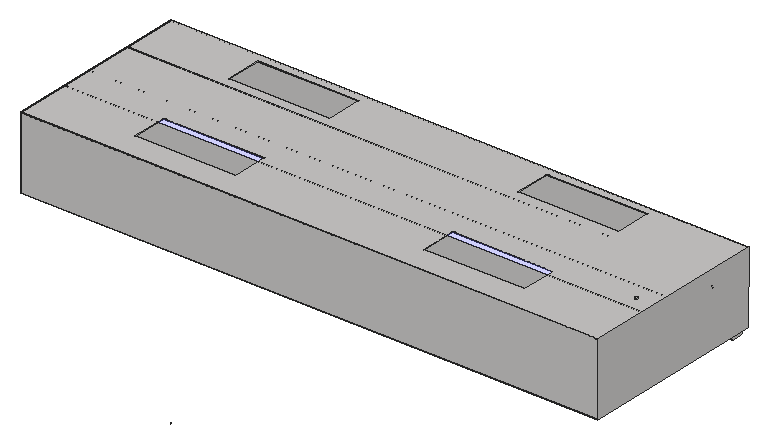
Revit family "QF_ELECTROLUXPROFESSIONAL_640233_STPF1340", category Specialty Equipment, Revit 2014
Reference planes
  plane 1: z = 0
  plane 2 "Center (Left/Right)": x = 150
  plane 3 "LEFT": x = -1850
  plane 4 "RIGHT": x = 2150
  plane 5 "BACK": y = 550
  plane 6 "TOP": z = 2500
  plane 7 "Base": z = 2000
  plane 8: z = 1955
  plane 9 "DrainY": y = 490
  plane 10: x = -1847
  plane 11 "DrainX": x = 2030
  plane 12 "AOLeft2": x = -500
  plane 13 "AORight1": x = 800
  plane 14: x = 2147
  plane 15: x = -1650
  plane 16: x = 1950
  plane 17 "Center (Front/Back)": y = -100
  plane 18 "Front": y = -750
  plane 19 "AOLeft1": x = -1200
  plane 20 "AORight2": x = 1500
  plane 21: y = -664
  plane 22: y = -414
  plane 23: y = 240
  plane 24: y = 490
  plane 25 "EI_y": y = -270
  plane 26 "EIx": x = 2030
Forms (mm)
  Extrusion 1, solid, material "QF_Finishes_Stainless Steel"
    sketch origin (-1850, 0, 360) x (0, 1, 0) y (0, 0, 1)
      loop
        line (550, 1640) -> (550, 2140) -> (-750, 2140) -> (-750, 1640) -> (550, 1640)
    from 0 to 3
  Extrusion 2, solid, material "QF_Finishes_Stainless Steel"
    sketch origin (2150, 0, 360) x (0, 1, 0) y (0, 0, 1)
      loop
        line (550, 1640) -> (550, 2140) -> (-750, 2140) -> (-750, 1640) -> (550, 1640)
    from 0 to -3
  Extrusion 3, solid, material "QF_Finishes_Stainless Steel"
    sketch origin (150, 0, 360) x (0, 1, 0) y (0, 0, 1)
      loop
        line (-750, 2140) -> (-750, 1640) -> (-740, 1640) -> (-740, 1640.8) -> (-749.2, 1640.8) -> (-749.2, 2139.19) -> (549.2, 2139.19) -> (549.2, 1640.8) -> (540, 1640.8) -> (540, 1640) -> (550, 1640) -> (550, 2140) -> (-750, 2140)
    from -2000 to 2000
  Extrusion 4, solid, material "QF_Finishes_Stainless Steel"
    sketch origin (0, 0, 2000) x (0, 1, 0) y (-1, 0, 0)
      loop
        circle (490, -2030) r 4.763
    from -30 to 0
  Extrusion 5, void
    sketch origin (0, 0, 2500) x (0, 1, 0) y (-1, 0, 0)
      loop
        line (-320, 500) -> (-320, 1200) -> (-570, 1200) -> (-570, 500) -> (-320, 500)
    from 0 to -10
  Extrusion 6, solid, material "QF_Finishes_Stainless Steel"
    sketch origin (0, 0, 0) x (1, 0, 0) y (0, 1, 0)
      loop
        line (-1850, 550) -> (-1850, 549) -> (-1849, 549) -> (-1849, 550) -> (-1850, 550)
    from 0 to 1
  Extrusion 7, solid, material "QF_LAMPS"
    sketch origin (150, 0, 360) x (0, 1, 0) y (0, 0, 1)
      loop
        line (-372.823, 1962.324) -> (-218.948, 2086.929) -> (-227.129, 2097.032) -> (-381.003, 1972.426) -> (-372.823, 1962.324)
    from 1997 to -1997
  Extrusion 8, solid, material "QF_Finishes_Stainless Steel"
    sketch origin (150, 0, 360) x (0, 1, 0) y (0, 0, 1)
      loop
        line (-750, 2139.19) -> (-750, 1640) -> (-686.602, 1640) -> (-599.146, 1690.493) -> (-610.058, 1709.394) -> (-666.564, 1676.77) -> (-714.704, 1680.982) -> (-749.2, 1730.248) -> (-749.2, 2139.19) -> (-750, 2139.19)
      loop
        line (-373.6, 1961.694) -> (-381.937, 1971.99) -> (-369.095, 1982.182) -> (-369.095, 2139.19) -> (-369.895, 2139.19) -> (-369.895, 1982.569) -> (-682.298, 1734.63) -> (-671.091, 1720.79) -> (-373.6, 1961.694)
      loop
        line (-227.61, 2099.216) -> (-218.171, 2087.559) -> (-154.411, 2139.19) -> (-155.682, 2139.19) -> (-218.052, 2088.684) -> (-226.989, 2099.719) -> (-227.61, 2099.216)
    from -1997 to 1997
  Sweep 9, solid, material "QF_Finishes_Stainless Steel"
    path origin (0, 0, 0) x (1, 0, 0) y (0, 1, 0)
      loop
        line (2150, 550) -> (-1850, 550) -> (-1850, -750) -> (2150, -750) -> (2150, 550)
    profile origin (2150, -100, 0) x (1, 0, 0) y (0, 0, 1)
      loop
        line (-3, 2000) -> (-3, 2000.8) -> (-19, 2000.8) -> (-19, 2010) -> (-20, 2010) -> (-20, 2000) -> (-3, 2000)
  Extrusion 10, solid, material "QF_Finishes_Stainless Steel"
    sketch origin (150, 0, 0) x (0, 1, 0) y (0, 0, 1)
      loop
        line (414.66, 2095.469) -> (440.643, 2110.471) -> (261.744, 2411.771) -> (235.948, 2396.455) -> (414.66, 2095.469)
    from -1997 to -1800
  Extrusion 11, void
    sketch origin (1134.605, 0, 2500) x (0, 1, 0) y (-1, 0, 0)
      loop
        line (-320, -365.395) -> (-320, 334.605) -> (-570, 334.605) -> (-570, -365.395) -> (-320, -365.395)
    from 0 to -10
  Extrusion 12, solid, material "QF_Finishes_Stainless Steel"
    sketch origin (2030, 0, 0) x (0, 1, 0) y (0, 0, 1)
      loop
        line (539, 2000) -> (441, 2000) -> (441, 1989) -> (448.5, 1989) -> (448.5, 1965)
        arc (448.5, 1965) -> (451.429, 1957.929) -> (458.5, 1955) r 10
        line (458.5, 1955) -> (521.5, 1955)
        arc (521.5, 1955) -> (528.571, 1957.929) -> (531.5, 1965) r 10
        line (531.5, 1965) -> (531.5, 1989) -> (539, 1989) -> (539, 2000)
    from 90 to -90
  Extrusion 13, solid, material "QF_Finishes_Stainless Steel"
    sketch origin (150, 0, 360) x (0, 1, 0) y (0, 0, 1)
      loop
        line (-750, 2139.19) -> (-750, 1640) -> (-686.602, 1640) -> (-599.146, 1690.493) -> (-610.058, 1709.394) -> (-666.564, 1676.77) -> (-714.704, 1680.982) -> (-749.2, 1730.248) -> (-749.2, 2139.19) -> (-750, 2139.19)
      loop
        line (-373.6, 1961.694) -> (-381.937, 1971.99) -> (-369.095, 1982.182) -> (-369.095, 2139.19) -> (-369.895, 2139.19) -> (-369.895, 1982.569) -> (-682.298, 1734.63) -> (-671.091, 1720.79) -> (-373.6, 1961.694)
      loop
        line (-227.61, 2099.216) -> (-218.171, 2087.559) -> (-154.411, 2139.19) -> (-155.682, 2139.19) -> (-218.052, 2088.684) -> (-226.989, 2099.719) -> (-227.61, 2099.216)
    from -1997 to 1997
  Extrusion 14, solid, material "QF_Finishes_Stainless Steel"
    sketch origin (150, 0, 0) x (0, 1, 0) y (0, 0, 1)
      loop
        line (414.66, 2095.469) -> (440.643, 2110.471) -> (261.744, 2411.771) -> (235.948, 2396.455) -> (414.66, 2095.469)
    from 1800 to 1997
  Extrusion 15, solid, material "QF_Finished_Chrome"
    sketch origin (150, 0, 0) x (0, 1, 0) y (0, 0, 1)
      loop
        line (414.66, 2095.469) -> (440.643, 2110.471) -> (261.744, 2411.771) -> (235.948, 2396.455) -> (414.66, 2095.469)
    from -1800 to 1800
  Extrusion 16, void
    sketch origin (0, 1180, 2500) x (0, 1, 0) y (-1, 0, 0)
      loop
        line (-690, 500) -> (-690, 1200) -> (-940, 1200) -> (-940, 500) -> (-690, 500)
    from 0 to -10
  Extrusion 17, void
    sketch origin (1600, 1180, 2500) x (0, 1, 0) y (-1, 0, 0)
      loop
        line (-690, 100) -> (-690, 800) -> (-940, 800) -> (-940, 100) -> (-690, 100)
    from 0 to -10
  Extrusion 18, solid, material "QF_Finishes_Stainless Steel"
    sketch origin (0, 0, 2500) x (0, 1, 0) y (-1, 0, 0)
      loop
        circle (-270, -2030) r 10
    from 0 to 1.6
  Extrusion 19, solid, material "QF_Finishes_Stainless Steel"
    sketch origin (150, 0, 360) x (0, 1, 0) y (0, 0, 1)
      loop
        line (430.005, 1640) -> (540, 1640) -> (540, 1640.8) -> (430.467, 1640.8) -> (371.906, 1742.23) -> (414.858, 1734.657) -> (442.266, 1750.481) -> (442.266, 1765.943) -> (441.466, 1765.943) -> (441.466, 1750.943) -> (414.709, 1735.495) -> (321.153, 1751.991) -> (320.875, 1750.416) -> (371.4, 1741.507) -> (430.005, 1640)
      loop
        line (172.529, 2139.19) -> (242.893, 2017.316) -> (245.133, 2018.715) -> (240.13, 2027.381) -> (238.569, 2026.405) -> (173.453, 2139.19) -> (172.529, 2139.19)
    from -1997 to 1997
Cuts and joins
  Extrusion 5, Extrusion 11, Extrusion 16, Extrusion 17 cuts Extrusion 3
  joined: Extrusion 2, Extrusion 3, Sweep 9
Lines and regions (mm)
  symbolic lines, style "SpecialityEquipment", detail levels coarse
    curve 1: line (2150, 550, 2500) -> (-1850, 550, 2500)
    curve 2: line (-1850, 550, 2500) -> (-1850, -750, 2500)
    curve 3: line (2150, -750, 2500) -> (2150, 550, 2500)
    curve 4: line (-1850, 550, 0) -> (2150, -750, 0)
    curve 5: line (2150, 550, 0) -> (-1850, -750, 0)
    curve 6: line (-1850, -750, 0) -> (2150, -750, 0)
    curve 7: line (-500, -320, 0) -> (-1200, -320, 0)
    curve 8: line (-500, -570, 0) -> (-500, -320, 0)
    curve 9: line (-1200, -570, 0) -> (-500, -570, 0)
    curve 10: line (-1200, -320, 0) -> (-1200, -570, 0)
    curve 11: line (800, -320, 0) -> (800, -570, 0)
    curve 12: line (1500, -320, 0) -> (800, -320, 0)
    curve 13: line (1500, -570, 0) -> (1500, -320, 0)
    curve 14: line (800, -570, 0) -> (1500, -570, 0)
  symbolic lines, detail levels coarse
    curve 15: line (-1200, 240, 2500) -> (-500, 240, 2500)
    curve 16: line (-1200, 490, 2500) -> (-1200, 240, 2500)
    curve 17: line (-500, 490, 2500) -> (-1200, 490, 2500)
    curve 18: line (-500, 240, 2500) -> (-500, 490, 2500)
    curve 19: line (800, 490, 2500) -> (800, 240, 2500)
    curve 20: line (1500, 490, 2500) -> (800, 490, 2500)
    curve 21: line (800, 240, 2500) -> (1500, 240, 2500)
    curve 22: line (1500, 240, 2500) -> (1500, 490, 2500)
Dimensions and locks
  plane 3 "LEFT" to plane 4 "RIGHT" = 4000 mm
  equal spacing: plane 3 "LEFT", plane 2 "Center (Left/Right)", plane 4 "RIGHT"
  plane 7 "Base" to plane 8 = 45 mm
  plane 5 "BACK" to plane 9 "DrainY" = 60 mm  (x2)
  plane 3 "LEFT" to plane 10 = 3 mm
  plane 11 "DrainX" to plane 4 "RIGHT" = 120 mm
  plane 14 to plane 4 "RIGHT" = 3 mm
  plane 3 "LEFT" to plane 15 = 200 mm
  plane 16 to plane 4 "RIGHT" = 200 mm
  locked: plane 12 "AOLeft2" to plane 13 "AORight1" at 1300
  equal spacing: plane 12 "AOLeft2", plane 2 "Center (Left/Right)", plane 13 "AORight1"
  locked: plane 7 "Base" to level at 2000
  locked: plane 6 "TOP" to plane 7 "Base" at 500
  locked: plane 5 "BACK" to plane 18 "Front" at 1300
  equal spacing: plane 5 "BACK", plane 17 "Center (Front/Back)", plane 18 "Front"
  locked: plane 19 "AOLeft1" to plane 12 "AOLeft2" at 700
  locked: plane 13 "AORight1" to plane 20 "AORight2" at 700
  locked: plane 22 to plane 21 at 250
  plane 21 to plane 18 "Front" = 86 mm
  locked: plane 24 to plane 23 at 250
  plane 5 "BACK" to plane 24 = 60 mm
  locked: plane 25 "EI_y" to plane 18 "Front" at 480
  locked: plane 26 "EIx" to plane 4 "RIGHT" at 120
  plane 5 "BACK" to plane 18 "Front" = 1300 mm
  aligned and locked: level to plane 1
  aligned and locked: plane 4 "RIGHT" to Extrusion 3
  aligned and locked: Extrusion 3 to plane 3 "LEFT"
  aligned and locked: Extrusion 2 to plane 14
  aligned and locked: Extrusion 10 to plane 10
  aligned and locked: Extrusion 8 to plane 10
  aligned and locked: plane 14 to Extrusion 8
  aligned and locked: Extrusion 5 to plane 19 "AOLeft1"
  aligned and locked: Extrusion 5 to plane 12 "AOLeft2"
  aligned and locked: plane 20 "AORight2" to Extrusion 11
  aligned and locked: plane 13 "AORight1" to Extrusion 11
  aligned and locked: plane 15 to Extrusion 10
  aligned and locked: plane 16 to Extrusion 14
  aligned and locked: plane 14 to Extrusion 14
  aligned and locked: Extrusion 15 to plane 15
  aligned and locked: Extrusion 15 to plane 16
  aligned and locked: plane 14 to Extrusion 7
  aligned and locked: Extrusion 7 to plane 10
  aligned and locked: Extrusion 16 to plane 23
  aligned and locked: plane 24 to Extrusion 16
  aligned and locked: plane 24 to Extrusion 17
  aligned and locked: Extrusion 17 to plane 23
  aligned and locked: plane 13 "AORight1" to Extrusion 17
  aligned and locked: plane 20 "AORight2" to Extrusion 17
  aligned and locked: Extrusion 16 to plane 19 "AOLeft1"
  aligned and locked: Extrusion 16 to plane 12 "AOLeft2"
  aligned and locked: Extrusion 19 to plane 10
  aligned and locked: plane 14 to Extrusion 19
  aligned and locked: plane 14 to Extrusion 13
  aligned and locked: Extrusion 13 to plane 10
Automatic sketch dimensions
  curve 6 to plane 3 "LEFT" = 0 mm
  curve 4 to plane 3 "LEFT" = 0 mm
  curve 10 to plane 19 "AOLeft1" = 0 mm
  curve 8 to plane 12 "AOLeft2" = 0 mm
  curve 14 to plane 13 "AORight1" = 0 mm
  curve 14 to plane 20 "AORight2" = 0 mm
  curve 5 to plane 4 "RIGHT" = 0 mm
  curve 6 to plane 4 "RIGHT" = 0 mm
  curve 4 to plane 18 "Front" = 0 mm
  curve 4 to plane 5 "BACK" = 0 mm
  curve 5 to plane 5 "BACK" = 0 mm
  plane 21 to curve 14 = 94 mm
  plane 21 to curve 9 = 94 mm
  curve 10 to plane 25 "EI_y" = 50 mm
  curve 11 to plane 25 "EI_y" = 50 mm
  curve 2 to plane 3 "LEFT" = 0 mm
  curve 2 to plane 18 "Front" = 0 mm
  curve 3 to plane 4 "RIGHT" = 0 mm
  curve 3 to plane 18 "Front" = 0 mm
  curve 2 to plane 5 "BACK" = 0 mm
  Extrusion 1 sketch curve to plane 7 "Base" = 0 mm
  Extrusion 1 sketch curve to plane 18 "Front" = 0 mm
  Extrusion 1 sketch curve to plane 5 "BACK" = 0 mm
  Extrusion 1 sketch curve to plane 6 "TOP" = 0 mm
  Extrusion 2 sketch curve to plane 7 "Base" = 0 mm
  Extrusion 2 sketch curve to plane 18 "Front" = 0 mm
  Extrusion 2 sketch curve to plane 5 "BACK" = 0 mm
  Extrusion 2 sketch curve to plane 6 "TOP" = 0 mm
  Extrusion 3 sketch curve to plane 6 "TOP" = 0 mm
  Extrusion 3 sketch curve to plane 18 "Front" = 0 mm
  Extrusion 3 sketch curve to plane 7 "Base" = 0 mm  (x2)
  Extrusion 3 sketch curve to plane 5 "BACK" = 0 mm
  plane 18 "Front" to Extrusion 3 sketch curve = 0.8 mm
  Extrusion 3 sketch curve to Extrusion 3 sketch curve = 9.2 mm
  plane 7 "Base" to Extrusion 3 sketch curve = 0.8 mm  (x2)
  Extrusion 3 sketch curve to plane 5 "BACK" = 10 mm
  Extrusion 3 sketch curve to plane 5 "BACK" = 0.8 mm
  Extrusion 3 sketch curve to plane 6 "TOP" = 0.81 mm
  Extrusion 4 sketch curve to plane 9 "DrainY" = 0 mm
  Extrusion 4 sketch curve to plane 11 "DrainX" = 0 mm
  Extrusion 5 sketch curve to plane 12 "AOLeft2" = 0 mm
  Extrusion 5 sketch curve to plane 19 "AOLeft1" = 0 mm
  plane 21 to Extrusion 5 sketch curve = 94 mm
  Extrusion 5 sketch curve to plane 25 "EI_y" = 50 mm
  Extrusion 6 sketch curve to plane 3 "LEFT" = 0 mm
  Extrusion 6 sketch curve to plane 5 "BACK" = 0 mm
  plane 3 "LEFT" to Extrusion 6 sketch curve = 1 mm
  Extrusion 6 sketch curve to Extrusion 6 sketch curve = 1 mm
  plane 22 to Extrusion 7 sketch curve = 32.997 mm
  Extrusion 7 sketch curve to Extrusion 7 sketch curve = 8.181 mm  (x2)
  plane 25 "EI_y" to Extrusion 7 sketch curve = 42.871 mm
  Extrusion 7 sketch curve to plane 6 "TOP" = 177.676 mm
  Extrusion 7 sketch curve to Extrusion 7 sketch curve = 10.102 mm
  Extrusion 7 sketch curve to plane 6 "TOP" = 53.071 mm
  Extrusion 7 sketch curve to Extrusion 7 sketch curve = 10.103 mm
  Extrusion 8 sketch curve to plane 7 "Base" = 0 mm
  Extrusion 8 sketch curve to plane 18 "Front" = 0 mm
  Extrusion 8 sketch curve to Extrusion 8 sketch curve = 0.8 mm  (x2)
  plane 18 "Front" to Extrusion 8 sketch curve = 35.296 mm
  Extrusion 8 sketch curve to plane 21 = 22.602 mm
  Extrusion 8 sketch curve to plane 21 = 18.298 mm
  Extrusion 8 sketch curve to plane 21 = 7.091 mm
  Extrusion 8 sketch curve to plane 21 = 2.564 mm
  plane 21 to Extrusion 8 sketch curve = 53.942 mm
  Extrusion 8 sketch curve to Extrusion 8 sketch curve = 10.912 mm
  plane 22 to Extrusion 8 sketch curve = 32.063 mm
  Extrusion 8 sketch curve to Extrusion 8 sketch curve = 8.337 mm
  Extrusion 8 sketch curve to Extrusion 8 sketch curve = 12.042 mm
  plane 25 "EI_y" to Extrusion 8 sketch curve = 42.39 mm
  Extrusion 8 sketch curve to Extrusion 8 sketch curve = 0.622 mm
  Extrusion 8 sketch curve to Extrusion 8 sketch curve = 9.44 mm
  Extrusion 8 sketch curve to Extrusion 8 sketch curve = 0.118 mm
  Extrusion 8 sketch curve to plane 6 "TOP" = 0.81 mm  (x3)
  Extrusion 8 sketch curve to plane 17 "Center (Front/Back)" = 55.682 mm
  Extrusion 8 sketch curve to Extrusion 8 sketch curve = 1.271 mm
  plane 7 "Base" to Extrusion 8 sketch curve = 36.77 mm
  plane 7 "Base" to Extrusion 8 sketch curve = 40.982 mm
  plane 7 "Base" to Extrusion 8 sketch curve = 50.493 mm
  Extrusion 8 sketch curve to Extrusion 8 sketch curve = 18.901 mm
  Extrusion 8 sketch curve to Extrusion 8 sketch curve = 44.02 mm
  Extrusion 8 sketch curve to Extrusion 8 sketch curve = 49.266 mm
  Extrusion 8 sketch curve to Extrusion 8 sketch curve = 13.84 mm
  Extrusion 8 sketch curve to plane 6 "TOP" = 178.306 mm
  Extrusion 8 sketch curve to Extrusion 8 sketch curve = 10.296 mm
  Extrusion 8 sketch curve to Extrusion 8 sketch curve = 10.192 mm
  Extrusion 8 sketch curve to Extrusion 8 sketch curve = 0.386 mm
  Extrusion 8 sketch curve to plane 6 "TOP" = 52.441 mm
  Extrusion 8 sketch curve to Extrusion 8 sketch curve = 1.125 mm
  Sweep 9 sketch curve to plane 3 "LEFT" = 0 mm
  Sweep 9 sketch curve to plane 4 "RIGHT" = 0 mm
  Sweep 9 sketch curve to plane 18 "Front" = 0 mm
  Sweep 9 sketch curve to plane 5 "BACK" = 0 mm
  profile plane to Sweep 9 sketch curve = 20 mm
  Sweep 9 sketch curve to Sweep 9 sketch curve = 1 mm
  profile plane to Sweep 9 sketch curve = 3 mm
  level to Sweep 9 sketch curve = 2000 mm
  Sweep 9 sketch curve to Sweep 9 sketch curve = 0.8 mm
  Sweep 9 sketch curve to Sweep 9 sketch curve = 9.2 mm
  Extrusion 10 sketch curve to plane 23 = 4.052 mm
  plane 23 to Extrusion 10 sketch curve = 21.744 mm
  Extrusion 10 sketch curve to plane 9 "DrainY" = 75.34 mm
  Extrusion 10 sketch curve to Extrusion 10 sketch curve = 25.983 mm
  plane 7 "Base" to Extrusion 10 sketch curve = 95.469 mm
  Extrusion 10 sketch curve to Extrusion 10 sketch curve = 15.001 mm
  Extrusion 10 sketch curve to plane 6 "TOP" = 103.545 mm
  Extrusion 10 sketch curve to Extrusion 10 sketch curve = 15.316 mm
  Extrusion 11 sketch curve to plane 20 "AORight2" = 0 mm
  Extrusion 11 sketch curve to plane 13 "AORight1" = 0 mm
  plane 21 to Extrusion 11 sketch curve = 94 mm
  Extrusion 11 sketch curve to plane 25 "EI_y" = 50 mm
  Extrusion 13 sketch curve to plane 7 "Base" = 0 mm
  Extrusion 13 sketch curve to plane 18 "Front" = 0 mm
  Extrusion 13 sketch curve to Extrusion 13 sketch curve = 0.8 mm  (x2)
  plane 18 "Front" to Extrusion 13 sketch curve = 35.296 mm
  Extrusion 13 sketch curve to plane 21 = 22.602 mm
  Extrusion 13 sketch curve to plane 21 = 18.298 mm
  Extrusion 13 sketch curve to plane 21 = 7.091 mm
  Extrusion 13 sketch curve to plane 21 = 2.564 mm
  plane 21 to Extrusion 13 sketch curve = 53.942 mm
  Extrusion 13 sketch curve to Extrusion 13 sketch curve = 10.912 mm
  plane 22 to Extrusion 13 sketch curve = 32.063 mm
  Extrusion 13 sketch curve to Extrusion 13 sketch curve = 8.337 mm
  Extrusion 13 sketch curve to plane 6 "TOP" = 0.81 mm  (x3)
  plane 22 to Extrusion 13 sketch curve = 44.105 mm
  plane 25 "EI_y" to Extrusion 13 sketch curve = 42.39 mm
  Extrusion 13 sketch curve to Extrusion 13 sketch curve = 0.622 mm
  Extrusion 13 sketch curve to Extrusion 13 sketch curve = 9.44 mm
  Extrusion 13 sketch curve to Extrusion 13 sketch curve = 0.118 mm
  Extrusion 13 sketch curve to plane 17 "Center (Front/Back)" = 55.682 mm
  Extrusion 13 sketch curve to Extrusion 13 sketch curve = 1.271 mm
  plane 7 "Base" to Extrusion 13 sketch curve = 36.77 mm
  plane 7 "Base" to Extrusion 13 sketch curve = 40.982 mm
  plane 7 "Base" to Extrusion 13 sketch curve = 50.493 mm
  Extrusion 13 sketch curve to Extrusion 13 sketch curve = 18.901 mm
  Extrusion 13 sketch curve to Extrusion 13 sketch curve = 44.02 mm
  Extrusion 13 sketch curve to Extrusion 13 sketch curve = 49.266 mm
  Extrusion 13 sketch curve to Extrusion 13 sketch curve = 13.84 mm
  Extrusion 13 sketch curve to Extrusion 13 sketch curve = 177.496 mm
  Extrusion 13 sketch curve to Extrusion 13 sketch curve = 10.296 mm
  Extrusion 13 sketch curve to Extrusion 13 sketch curve = 10.192 mm
  Extrusion 13 sketch curve to Extrusion 13 sketch curve = 0.386 mm
  Extrusion 13 sketch curve to plane 6 "TOP" = 52.441 mm
  Extrusion 13 sketch curve to Extrusion 13 sketch curve = 1.125 mm
  Extrusion 14 sketch curve to plane 23 = 4.052 mm
  plane 23 to Extrusion 14 sketch curve = 21.744 mm
  Extrusion 14 sketch curve to plane 9 "DrainY" = 75.34 mm
  Extrusion 14 sketch curve to Extrusion 14 sketch curve = 25.983 mm
  plane 7 "Base" to Extrusion 14 sketch curve = 95.469 mm
  Extrusion 14 sketch curve to Extrusion 14 sketch curve = 15.001 mm
  Extrusion 14 sketch curve to plane 6 "TOP" = 103.545 mm
  Extrusion 14 sketch curve to Extrusion 14 sketch curve = 15.316 mm
  Extrusion 15 sketch curve to plane 23 = 4.052 mm
  plane 23 to Extrusion 15 sketch curve = 21.744 mm
  Extrusion 15 sketch curve to plane 9 "DrainY" = 75.34 mm
  Extrusion 15 sketch curve to Extrusion 15 sketch curve = 25.983 mm
  plane 7 "Base" to Extrusion 15 sketch curve = 95.469 mm
  Extrusion 15 sketch curve to Extrusion 15 sketch curve = 15.001 mm
  Extrusion 15 sketch curve to plane 6 "TOP" = 103.545 mm
  Extrusion 15 sketch curve to Extrusion 15 sketch curve = 15.316 mm
  Extrusion 16 sketch curve to plane 12 "AOLeft2" = 0 mm
  Extrusion 16 sketch curve to plane 23 = 0 mm
  Extrusion 16 sketch curve to plane 9 "DrainY" = 0 mm
  Extrusion 16 sketch curve to plane 19 "AOLeft1" = 0 mm
  Extrusion 17 sketch curve to plane 20 "AORight2" = 0 mm
  Extrusion 17 sketch curve to plane 23 = 0 mm
  Extrusion 17 sketch curve to plane 9 "DrainY" = 0 mm
  Extrusion 17 sketch curve to plane 13 "AORight1" = 0 mm
  Extrusion 18 sketch curve to plane 25 "EI_y" = 0 mm
  Extrusion 18 sketch curve to plane 26 "EIx" = 0 mm
  Extrusion 19 sketch curve to plane 7 "Base" = 0 mm
  Extrusion 19 sketch curve to plane 9 "DrainY" = 47.734 mm
  Extrusion 19 sketch curve to Extrusion 19 sketch curve = 0.8 mm
  plane 9 "DrainY" to Extrusion 19 sketch curve = 50 mm
  plane 7 "Base" to Extrusion 19 sketch curve = 0.8 mm
  Extrusion 19 sketch curve to Extrusion 19 sketch curve = 109.533 mm
  Extrusion 19 sketch curve to Extrusion 19 sketch curve = 0.462 mm  (x2)
  Extrusion 19 sketch curve to Extrusion 19 sketch curve = 26.608 mm
  Extrusion 19 sketch curve to Extrusion 19 sketch curve = 0.148 mm
  Extrusion 19 sketch curve to Extrusion 19 sketch curve = 42.803 mm
  Extrusion 19 sketch curve to Extrusion 19 sketch curve = 0.506 mm
  Extrusion 19 sketch curve to Extrusion 19 sketch curve = 50.247 mm
  Extrusion 19 sketch curve to Extrusion 19 sketch curve = 0.278 mm
  plane 23 to Extrusion 19 sketch curve = 5.133 mm
  Extrusion 19 sketch curve to Extrusion 19 sketch curve = 2.24 mm
  plane 23 to Extrusion 19 sketch curve = 0.13 mm
  Extrusion 19 sketch curve to plane 23 = 1.431 mm
  Extrusion 19 sketch curve to plane 6 "TOP" = 0.81 mm
  Extrusion 19 sketch curve to plane 23 = 66.547 mm
  Extrusion 19 sketch curve to Extrusion 19 sketch curve = 0.924 mm
  plane 7 "Base" to Extrusion 19 sketch curve = 94.657 mm
  Extrusion 19 sketch curve to Extrusion 19 sketch curve = 0.838 mm
  Extrusion 19 sketch curve to Extrusion 19 sketch curve = 6.012 mm
  Extrusion 19 sketch curve to Extrusion 19 sketch curve = 0.723 mm
  Extrusion 19 sketch curve to Extrusion 19 sketch curve = 14.986 mm
  Extrusion 19 sketch curve to Extrusion 19 sketch curve = 15 mm
  Extrusion 19 sketch curve to plane 6 "TOP" = 122.684 mm
  Extrusion 19 sketch curve to Extrusion 19 sketch curve = 1.399 mm
  Extrusion 19 sketch curve to Extrusion 19 sketch curve = 9.089 mm
  Extrusion 19 sketch curve to Extrusion 19 sketch curve = 0.975 mm
  curve 15 to plane 19 "AOLeft1" = 0 mm
  curve 15 to plane 23 = 0 mm
  curve 16 to plane 9 "DrainY" = 0 mm
  curve 15 to plane 12 "AOLeft2" = 0 mm
  curve 19 to plane 13 "AORight1" = 0 mm
  curve 19 to plane 23 = 0 mm
  curve 20 to plane 9 "DrainY" = 0 mm
  curve 21 to plane 20 "AORight2" = 0 mm
  Extrusion 12 sketch curve to plane 8 = 0 mm
  Extrusion 12 sketch curve to plane 7 "Base" = 11 mm  (x2)
  Extrusion 12 sketch curve to plane 9 "DrainY" = 49 mm
  Extrusion 12 sketch curve to Extrusion 12 sketch curve = 7.5 mm  (x2)
  Extrusion 12 sketch curve to Extrusion 12 sketch curve = 10 mm
  Extrusion 12 sketch curve to plane 5 "BACK" = 28.5 mm
  Extrusion 12 sketch curve to plane 5 "BACK" = 18.5 mm
  plane 7 "Base" to Extrusion 12 sketch curve = 0 mm
  radius of Extrusion 4 sketch curve = 4.763 mm
  radius of Extrusion 18 sketch curve = 10 mm
Connectors
  piping at (2030, 490, 1970), diameter 9.5
    settings: on Extrusion 4, index 1, connector inside diameter 609.6 mm, connector length 0 mm, flow factor 0, pipe flow 0.0 L/s, pressure drop 0.0 Pa, fitting loss kfactor 0, connector angle 0.00°, fixture units 0, engagement length 0 mm, angle of deflection 0.00°, flow configuration 1, flow direction 2, fitting loss method 0, system type 16, joint type 0, gender type 0, connector reference index -1, connector utility 0, adjustable connector no, is connector primary yes, connector description "Drain"
  hvac at (-850, -445, 2500)
    settings: on Extrusion 5, index 2, duct flow 0.0 L/s, flow factor 0, pres drop 0.0 Pa, loss coef 0, conn angle 0.00°, conn width 250 mm, conn height 700 mm, conn diameter 609.6 mm, duct sys type 1, conn prof type 1, flow config 1, flow direction 1, loss method 0, conn ref index -1, conn util no, is conn primary yes, conn desc "AIR INLET"
  hvac at (1150, -445, 2500)
    settings: on Extrusion 11, index 3, duct flow 0.0 L/s, flow factor 0, pres drop 0.0 Pa, loss coef 0, conn angle 0.00°, conn width 250 mm, conn height 700 mm, conn diameter 609.6 mm, duct sys type 1, conn prof type 1, flow config 1, flow direction 1, loss method 0, conn ref index -1, conn util no, is conn primary no, conn desc "AIR INLET"
  hvac at (-850, 365, 2500)
    settings: on Extrusion 16, index 4, duct flow 0.0 L/s, flow factor 0, pres drop 0.0 Pa, loss coef 0, conn angle 0.00°, conn width 250 mm, conn height 700 mm, conn diameter 609.6 mm, duct sys type 3, conn prof type 1, flow config 1, flow direction 2, loss method 0, conn ref index -1, conn util no, is conn primary no, conn desc "EXHAUST OUTLET"
  hvac at (1150, 365, 2500)
    settings: on Extrusion 17, index 5, duct flow 0.0 L/s, flow factor 0, pres drop 0.0 Pa, loss coef 0, conn angle 0.00°, conn width 250 mm, conn height 700 mm, conn diameter 609.6 mm, duct sys type 3, conn prof type 1, flow config 1, flow direction 2, loss method 0, conn ref index -1, conn util no, is conn primary no, conn desc "EXHAUST OUTLET"
  electrical at (2030, -270, 2501.6)
    settings: on Extrusion 18, index 6, voltage 0 V, apparent load 0 VA, apparent load phase1 0 VA, apparent load phase2 0 VA, apparent load phase3 0 VA, power factor 1, load classification "Other", number of poles 1, system type 30, power factor state 1, is connector primary yes, connector utility no, sub classification motor no, connector description "Electrical Connection"
